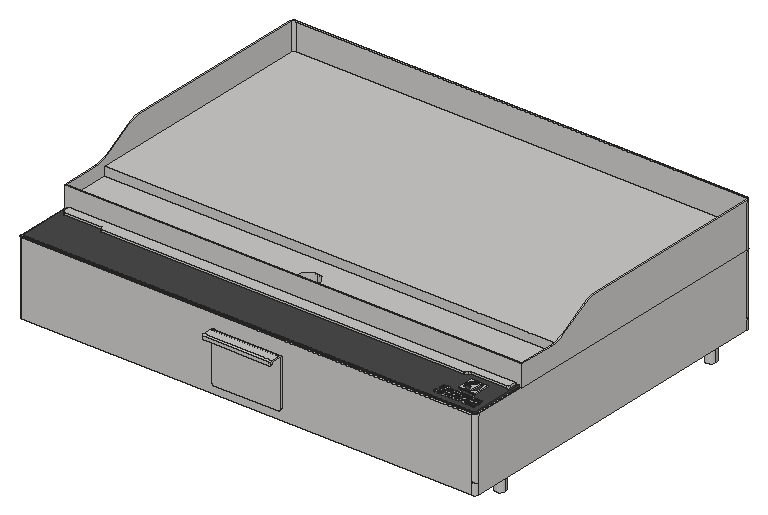
Revit family "QF_ELECTROLUXPROFESSIONAL_602349_E1IREDOMES", category Specialty Equipment, Revit 2023 (continued)
Automatic sketch dimensions
  curve 142 to curve 144 = 0 mm
  curve 135 to curve 132 = 0.257 mm
  curve 164 to curve 166 = 2.307 mm
  curve 135 to curve 131 = 0.304 mm
  curve 139 to curve 137 = 1.358 mm
  curve 150 to curve 150 = 2.821 mm
  curve 115 to curve 110 = 1.414 mm
  curve 115 to curve 115 = 1.514 mm
  curve 138 to curve 136 = 0.744 mm
  curve 180 to curve 179 = 2.384 mm
  curve 149 to curve 146 = 0.159 mm
  curve 149 to curve 149 = 0.205 mm
  curve 149 to curve 147 = 0.184 mm
  curve 184 to curve 178 = 0.416 mm
  curve 186 to curve 190 = 1.417 mm
  curve 193 to curve 192 = 1.705 mm
  curve 179 to curve 187 = 1.007 mm
  curve 111 to curve 128 = 0.014 mm
  curve 147 to curve 162 = 0 mm
  curve 192 to curve 191 = 2.596 mm
  curve 178 to curve 173 = 2.967 mm
  curve 186 to curve 187 = 1.947 mm
  curve 187 to curve 288 = 5.017 mm
  curve 290 to curve 288 = 0 mm
  curve 276 to curve 263 = 2.24 mm
  curve 190 to curve 303 = 5.017 mm
  curve 251 to curve 252 = 3.019 mm
  curve 110 to curve 202 = 5.032 mm
  curve 238 to curve 239 = 0 mm
  curve 220 to curve 214 = 2.55 mm
  curve 287 to curve 299 = 0.001 mm
  curve 257 to curve 252 = 1.576 mm
  curve 268 to curve 263 = 1.576 mm
  curve 222 to curve 219 = 0.525 mm
  curve 207 to curve 209 = 0.735 mm
  curve 229 to curve 235 = 0.8 mm
  curve 239 to curve 248 = 0.8 mm
  curve 255 to curve 259 = 1.202 mm
  curve 270 to curve 270 = 1.202 mm
  curve 255 to curve 257 = 0.112 mm
  curve 266 to curve 268 = 0.112 mm
  curve 292 to curve 301 = 1.265 mm
  curve 219 to curve 223 = 0.018 mm
  curve 209 to curve 210 = 0.543 mm
  curve 210 to curve 206 = 0.022 mm
  curve 290 to curve 285 = 1.444 mm
  curve 235 to curve 234 = 0.8 mm
  curve 249 to curve 246 = 0.8 mm
  curve 226 to curve 218 = 0.261 mm
  curve 282 to curve 281 = 1.969 mm
  curve 258 to curve 259 = 0.061 mm
  curve 269 to curve 270 = 0.061 mm
  curve 269 to curve 267 = 0.035 mm
  curve 258 to curve 256 = 0.035 mm
  curve 300 to curve 302 = 1.018 mm
  curve 234 to curve 232 = 0.8 mm
  curve 246 to curve 245 = 0.8 mm
  curve 284 to curve 290 = 1.076 mm
  curve 245 to curve 244 = 0.134 mm
  curve 244 to curve 240 = 0.112 mm
  curve 253 to curve 260 = 0.324 mm
  curve 264 to curve 271 = 0.324 mm
  curve 301 to curve 295 = 0.767 mm
  curve 307 to curve 306 = 3.091 mm
  curve 214 to curve 214 = 1.341 mm
  curve 276 to curve 277 = 3.891 mm
  curve 305 to curve 304 = 0.8 mm
  curve 215 to curve 216 = 1.341 mm
  curve 284 to curve 282 = 2.447 mm
  curve 231 to curve 229 = 1.491 mm
  curve 289 to curve 285 = 1.371 mm
  curve 204 to curve 204 = 1.319 mm
  curve 295 to curve 298 = 0.84 mm
  curve 294 to curve 292 = 0.84 mm
  curve 263 to curve 265 = 3.506 mm
  curve 252 to curve 254 = 3.506 mm
  curve 278 to curve 278 = 2.065 mm
  curve 278 to curve 281 = 0.776 mm
  curve 171 to curve 167 = 1.19 mm
  curve 166 to curve 169 = 1.912 mm
  curve 265 to curve 267 = 0.355 mm
  curve 263 to curve 271 = 0.263 mm
  curve 266 to curve 267 = 0 mm
  curve 253 to curve 257 = 0.355 mm
  curve 252 to curve 260 = 0.263 mm
  curve 255 to curve 256 = 0 mm
  curve 138 to curve 139 = 1.111 mm
  curve 227 to curve 225 = 2.065 mm
  curve 227 to curve 226 = 0.776 mm
  curve 140 to curve 132 = 1.055 mm
  plane 12 to curve 36 = 84 mm
  curve 309 to curve 309 = 19 mm
  plane 12 to curve 311 = 2 mm
  Extrusion 11 sketch curve to Extrusion 11 sketch curve = 80 mm
  Extrusion 11 sketch curve to plane 19 = 149 mm
  radius of Extrusion 5 sketch curve = 9 mm  (x4)
  radius of Extrusion 6 sketch curve = 10 mm
  radius of Extrusion 14 sketch curve = 19 mm
Nested families
  nested 1: "ELX_Logo_Professional" at (-164.269, -185.263, 916), visible <- "Show Logo", type "ELX_Logo_Professional"
Connectors
  electrical at (-514.269, 146.737, 778.028)
    settings: on Extrusion 6, index 1, voltage 0 V, apparent load 0 VA, apparent load phase1 0 VA, apparent load phase2 0 VA, apparent load phase3 0 VA, power factor 1, load classification "Altro", number of poles 1, system type 30, power factor state 1, is connector primary yes, connector utility no, sub classification motor no, connector description "Electrical"
Definition of nested family "ELX_Logo_Professional"
  Parameters (values of type "ELX_Logo_Professional")
    Default Elevation = 0 mm
  Reference planes
    plane 1 "Centro (Fronte/Retro)": y = 0
    plane 2: z = 0
    plane 3 "Centro (Sinistra/Destra)": x = 0
  Forms (mm)
    Extrusion 1, solid
      sketch origin (0, 0, 0) x (1, 0, 0) y (0, 1, 0)
        loop
          line (-1219.2, 1219.2) -> (-1219.2, -1219.2) -> (1219.2, -1219.2) -> (1219.2, 1219.2) -> (-1219.2, 1219.2)
      from 0 to -304.8
    Extrusion 2, solid
      sketch origin (-144.622, -1081.55, 0) x (-1, 0, 0) y (0, -1, 0)
        loop
          line (-130.265, -1113.361) -> (-130.265, -1084.645) -> (-158.979, -1084.645) -> (-158.979, -1113.361) -> (-130.265, -1113.361)
        loop
          arc (-146.24, -1106.937) -> (-147.076, -1109.166) -> (-147.324, -1111.534) r 9.395
          arc (-147.324, -1111.534) -> (-145.139, -1111.806) -> (-142.939, -1111.706) r 13.008
          line (-142.939, -1111.706) -> (-141.329, -1111.382) -> (-139.8, -1110.859) -> (-138.364, -1110.152) -> (-137.035, -1109.277) -> (-135.826, -1108.249) -> (-134.751, -1107.081) -> (-133.821, -1105.789) -> (-133.05, -1104.389) -> (-132.452, -1102.893) -> (-132.039, -1101.318) -> (-131.824, -1099.675) -> (-134.539, -1099.675) -> (-136.155, -1099.784) -> (-137.741, -1100.101) -> (-139.277, -1100.613) -> (-140.74, -1101.304) -> (-142.111, -1102.159) -> (-143.367, -1103.165) -> (-144.488, -1104.306) -> (-145.453, -1105.568) -> (-146.24, -1106.937)
        loop
          line (-148.67, -1086.844) -> (-150.173, -1087.464) -> (-151.57, -1088.253) -> (-152.847, -1089.196) -> (-153.992, -1090.281) -> (-154.994, -1091.494) -> (-155.841, -1092.821) -> (-156.519, -1094.25) -> (-157.018, -1095.766) -> (-157.324, -1097.357) -> (-157.427, -1099.009) -> (-157.315, -1100.685) -> (-156.998, -1102.296) -> (-156.488, -1103.827) -> (-155.799, -1105.265) -> (-154.946, -1106.596) -> (-153.94, -1107.806) -> (-152.796, -1108.882) -> (-151.528, -1109.81) -> (-150.148, -1110.576) -> (-148.67, -1111.167) -> (-148.67, -1086.844)
        loop
          arc (-147.323, -1086.473) -> (-147.041, -1088.83) -> (-146.239, -1091.065) r 10.532
          line (-146.239, -1091.065) -> (-145.452, -1092.432) -> (-144.488, -1093.693) -> (-143.367, -1094.833) -> (-142.111, -1095.838) -> (-140.741, -1096.693) -> (-139.278, -1097.383) -> (-137.743, -1097.894) -> (-136.157, -1098.211) -> (-134.541, -1098.32) -> (-131.822, -1098.32) -> (-131.976, -1096.81) -> (-132.312, -1095.353) -> (-132.818, -1093.961) -> (-133.481, -1092.644) -> (-134.291, -1091.416) -> (-135.235, -1090.288) -> (-136.302, -1089.272) -> (-137.48, -1088.379) -> (-138.757, -1087.622) -> (-140.121, -1087.012) -> (-141.56, -1086.561) -> (-143.063, -1086.281) -> (-144.633, -1086.183)
          arc (-144.633, -1086.183) -> (-145.985, -1086.264) -> (-147.323, -1086.473) r 14.39
        loop
          line (-111.329, -1069.559) -> (-111.329, -1071.073) -> (-116.048, -1071.073) -> (-116.048, -1072.896) -> (-111.328, -1072.896) -> (-111.328, -1075.549) -> (-116.349, -1075.549) -> (-116.349, -1077.368) -> (-109.396, -1077.368) -> (-109.396, -1073.46) -> (-109.396, -1069.659)
          arc (-109.396, -1069.659) -> (-110.425, -1067.175) -> (-112.909, -1066.146) r 3.513
          line (-112.909, -1066.146) -> (-116.483, -1066.146) -> (-116.483, -1067.963) -> (-112.925, -1067.963)
          arc (-112.925, -1067.963) -> (-111.797, -1068.431) -> (-111.329, -1069.559) r 1.596
        loop
          line (-119.79, -1077.358) -> (-117.856, -1077.358) -> (-117.856, -1072.053) -> (-117.856, -1066.132) -> (-119.79, -1066.132) -> (-119.79, -1072.092) -> (-119.79, -1077.358)
        loop
          line (-122.986, -1069.718) -> (-129.327, -1069.718)
          arc (-129.327, -1069.718) -> (-129.219, -1071.449) -> (-128.497, -1073.026) r 4.757
          arc (-128.497, -1073.026) -> (-125.237, -1074.5) -> (-121.978, -1073.026) r 4.34
          arc (-121.978, -1073.026) -> (-121.072, -1070.207) -> (-121.978, -1067.388) r 4.838
          arc (-121.978, -1067.388) -> (-125.393, -1065.933) -> (-128.809, -1067.388) r 4.737
          line (-128.809, -1067.388) -> (-127.645, -1068.52)
          arc (-127.645, -1068.52) -> (-125.509, -1067.576) -> (-123.374, -1068.52) r 2.888
          arc (-123.374, -1068.52) -> (-123.05, -1069.077) -> (-122.986, -1069.718) r 1.527
        loop
          arc (-127.386, -1071.076) -> (-126.67, -1072.331) -> (-125.331, -1072.872) r 2.201
          arc (-125.331, -1072.872) -> (-123.848, -1072.402) -> (-123.033, -1071.076) r 2.23
          line (-123.033, -1071.076) -> (-127.386, -1071.076)
        loop
          line (-136.862, -1071.886) -> (-138.059, -1073.132)
          arc (-138.059, -1073.132) -> (-130.327, -1070.219) -> (-138.059, -1067.306) r 4.415
          line (-138.059, -1067.306) -> (-136.862, -1068.553)
          arc (-136.862, -1068.553) -> (-132.252, -1070.22) -> (-136.862, -1071.886) r 2.606
        loop
          line (-141.192, -1069.673) -> (-141.192, -1072.494) -> (-142.951, -1072.494) -> (-142.951, -1074.25) -> (-141.195, -1074.25) -> (-141.195, -1077.358) -> (-139.262, -1077.358) -> (-139.262, -1073.332) -> (-139.262, -1069.514)
          arc (-139.262, -1069.514) -> (-140.299, -1066.92) -> (-142.98, -1066.132) r 3.196
          line (-142.98, -1066.132) -> (-142.987, -1067.949)
          arc (-142.987, -1067.949) -> (-141.652, -1068.356) -> (-141.192, -1069.673) r 1.542
        loop
          line (-146.494, -1073.042) -> (-146.494, -1074.25) -> (-144.576, -1074.25) -> (-144.576, -1070.271) -> (-144.576, -1066.132) -> (-146.494, -1066.132) -> (-146.494, -1070.401)
          arc (-146.494, -1070.401) -> (-147.446, -1072.228) -> (-149.489, -1072.494) r 2.229
          line (-149.489, -1072.494) -> (-149.489, -1074.362)
          arc (-149.489, -1074.362) -> (-147.761, -1074.226) -> (-146.494, -1073.042) r 2.627
        loop
          line (-159.833, -1072.246) -> (-159.833, -1066.131) -> (-161.767, -1066.131) -> (-161.767, -1072.17) -> (-161.767, -1077.359) -> (-159.833, -1077.359) -> (-159.833, -1072.246)
        loop
          line (-165.194, -1069.514) -> (-165.194, -1074.25) -> (-163.245, -1074.25) -> (-163.245, -1071.898) -> (-163.245, -1069.098)
          arc (-163.245, -1069.098) -> (-166.96, -1065.769) -> (-170.687, -1069.085) r 3.745
          line (-170.687, -1069.085) -> (-170.687, -1071.898) -> (-170.687, -1074.25) -> (-168.739, -1074.25) -> (-168.739, -1069.514)
          arc (-168.739, -1069.514) -> (-166.967, -1067.742) -> (-165.194, -1069.514) r 1.772
        loop
          line (-174.654, -1070.416) -> (-172.975, -1068.078) -> (-171.578, -1066.131) -> (-173.656, -1066.131) -> (-175.717, -1068.999) -> (-177.779, -1066.131) -> (-179.857, -1066.131) -> (-178, -1068.728) -> (-176.781, -1070.433) -> (-178.29, -1072.488) -> (-179.583, -1074.25) -> (-177.473, -1074.25) -> (-175.717, -1071.818) -> (-173.945, -1074.25) -> (-171.852, -1074.25) -> (-173.052, -1072.608) -> (-174.654, -1070.416)
        loop
          circle (-154.223, -1070.188) r 2.508
        loop
          circle (-154.223, -1070.188) r 4.42
        loop
          line (-110.224, -1058.542) -> (-111.194, -1058.542)
          arc (-111.194, -1058.542) -> (-112.217, -1059.95) -> (-110.924, -1061.114) r 1.3
          line (-110.924, -1061.114) -> (-109.424, -1061.114) -> (-109.424, -1057.223) -> (-110.224, -1057.223) -> (-110.224, -1058.542)
        loop
          line (-110.224, -1060.379) -> (-110.224, -1059.293) -> (-111.03, -1059.293)
          arc (-111.03, -1059.293) -> (-111.43, -1059.836) -> (-111.03, -1060.379) r 0.569
          line (-111.03, -1060.379) -> (-110.224, -1060.379)
        loop
          line (-116.302, -1058.564) -> (-117.128, -1058.564) -> (-117.934, -1057.223) -> (-118.841, -1057.223) -> (-117.833, -1058.884)
          arc (-117.833, -1058.884) -> (-118.214, -1060.282) -> (-117.028, -1061.114) r 1.26
          line (-117.028, -1061.114) -> (-115.503, -1061.114) -> (-115.503, -1057.223) -> (-116.302, -1057.223) -> (-116.302, -1058.564)
        loop
          line (-116.302, -1060.379) -> (-116.302, -1059.293) -> (-117.109, -1059.293)
          arc (-117.109, -1059.293) -> (-117.508, -1059.836) -> (-117.109, -1060.379) r 0.569
          line (-117.109, -1060.379) -> (-116.302, -1060.379)
        loop
          line (-128.923, -1057.223) -> (-129.723, -1057.223) -> (-129.723, -1058.714) -> (-131.187, -1058.714) -> (-131.187, -1059.514) -> (-129.723, -1059.514) -> (-129.723, -1060.314) -> (-131.327, -1060.314) -> (-131.327, -1061.114) -> (-128.923, -1061.114) -> (-128.923, -1057.223)
        loop
          arc (-134.628, -1058.469) -> (-134.992, -1057.588) -> (-135.874, -1057.223) r 1.246
          line (-135.874, -1057.223) -> (-137.13, -1057.223) -> (-137.13, -1058.023) -> (-135.969, -1058.023)
          arc (-135.969, -1058.023) -> (-135.53, -1058.237) -> (-135.427, -1058.714) r 0.558
          line (-135.427, -1058.714) -> (-136.984, -1058.714) -> (-136.984, -1059.514) -> (-135.427, -1059.514) -> (-135.427, -1060.314) -> (-137.092, -1060.314) -> (-137.092, -1061.114) -> (-134.628, -1061.114) -> (-134.628, -1058.469)
        loop
          line (-152.3, -1057.223) -> (-153.1, -1057.223) -> (-153.1, -1061.114) -> (-152.3, -1061.114) -> (-152.3, -1057.223)
        loop
          line (-164.67, -1057.223) -> (-164.67, -1059.67) -> (-166.45, -1057.223) -> (-167.25, -1057.223) -> (-167.25, -1061.114) -> (-166.42, -1061.114) -> (-166.42, -1058.594) -> (-164.64, -1061.114) -> (-163.84, -1061.114) -> (-163.84, -1057.223) -> (-164.67, -1057.223)
        loop
          line (-170.403, -1057.223) -> (-171.262, -1057.223) -> (-171.641, -1058.063) -> (-173.08, -1058.063) -> (-173.459, -1057.223) -> (-174.317, -1057.223) -> (-172.796, -1061.113) -> (-171.996, -1061.113) -> (-170.403, -1057.223)
        loop
          line (-177.493, -1057.223) -> (-179.789, -1057.223) -> (-179.789, -1058.023) -> (-178.293, -1058.023) -> (-178.293, -1061.114) -> (-177.493, -1061.114) -> (-177.493, -1057.223)
        loop
          line (-172.362, -1059.848) -> (-171.945, -1058.83) -> (-172.76, -1058.83) -> (-172.362, -1059.848)
        loop
          circle (-158.484, -1059.145) r 1.288
        loop
          circle (-158.484, -1059.145) r 2.065
        loop
          arc (-146.04, -1058.095) -> (-146.933, -1057.275) -> (-148.145, -1057.245) r 1.725
          arc (-148.145, -1057.245) -> (-148.965, -1058.02) -> (-148.68, -1059.111) r 1.107
          arc (-148.68, -1059.111) -> (-148.103, -1059.465) -> (-147.486, -1059.746) r 5.523
          arc (-147.486, -1059.746) -> (-147.147, -1060.262) -> (-147.708, -1060.52) r 0.407
          arc (-147.708, -1060.52) -> (-148.045, -1060.315) -> (-148.325, -1060.038) r 1.702
          line (-148.325, -1060.038) -> (-149.011, -1060.45)
          arc (-149.011, -1060.45) -> (-148.578, -1060.911) -> (-148.043, -1061.247) r 2.463
          arc (-148.043, -1061.247) -> (-146.373, -1060.466) -> (-147.42, -1058.949) r 1.207
          spline (-147.42, -1058.949) -> (-147.716, -1058.809) -> (-147.932, -1058.678) -> (-148.077, -1058.557) -> (-148.163, -1058.446) -> (-148.198, -1058.347) -> (-148.192, -1058.258) -> (-148.157, -1058.182) -> (-148.102, -1058.118) -> (-148.037, -1058.068) -> (-147.972, -1058.031) -> (-147.917, -1058.008) -> (-147.883, -1058)
          arc (-147.883, -1058) -> (-147.238, -1058.014) -> (-146.759, -1058.446) r 0.925
          line (-146.759, -1058.446) -> (-146.04, -1058.095)
        loop
          arc (-140.18, -1058.095) -> (-141.073, -1057.275) -> (-142.285, -1057.245) r 1.725
          arc (-142.285, -1057.245) -> (-143.106, -1058.02) -> (-142.821, -1059.111) r 1.107
          arc (-142.821, -1059.111) -> (-142.243, -1059.465) -> (-141.627, -1059.746) r 5.523
          arc (-141.627, -1059.746) -> (-141.287, -1060.262) -> (-141.849, -1060.52) r 0.407
          arc (-141.849, -1060.52) -> (-142.185, -1060.315) -> (-142.466, -1060.038) r 1.702
          line (-142.466, -1060.038) -> (-143.151, -1060.45)
          arc (-143.151, -1060.45) -> (-142.719, -1060.911) -> (-142.183, -1061.247) r 2.463
          arc (-142.183, -1061.247) -> (-140.513, -1060.466) -> (-141.56, -1058.949) r 1.207
          spline (-141.56, -1058.949) -> (-141.856, -1058.809) -> (-142.072, -1058.678) -> (-142.218, -1058.557) -> (-142.303, -1058.446) -> (-142.338, -1058.347) -> (-142.333, -1058.258) -> (-142.298, -1058.182) -> (-142.242, -1058.118) -> (-142.177, -1058.068) -> (-142.112, -1058.031) -> (-142.057, -1058.008) -> (-142.023, -1058)
          arc (-142.023, -1058) -> (-141.378, -1058.014) -> (-140.9, -1058.446) r 0.925
          line (-140.9, -1058.446) -> (-140.18, -1058.095)
        loop
          circle (-123.484, -1059.145) r 1.288
        loop
          circle (-123.484, -1059.145) r 2.065
      from 0 to 1.6
  Dimensions and locks
    aligned and locked: plane 2 to Extrusion 1
    aligned and locked: level to Extrusion 1
Types (2, lengths in mm): name | Volts | Phase | Item Number | Description | Cycle
  (no name) | 0 V | 0 | "602349" | "PLUG-IN INDUCTION GRIDDLE XL, STAINLESS STEEL SMOOTH PLATE, 3-PHASE" | 0 Hz
  Standard | 380 V | 3 | "600887" | "PLUG-IN INDUCTION GRIDDLE XL, STAINLESS STEEL SMOOTH PLATE - 3-PHASE" | 60 Hz
